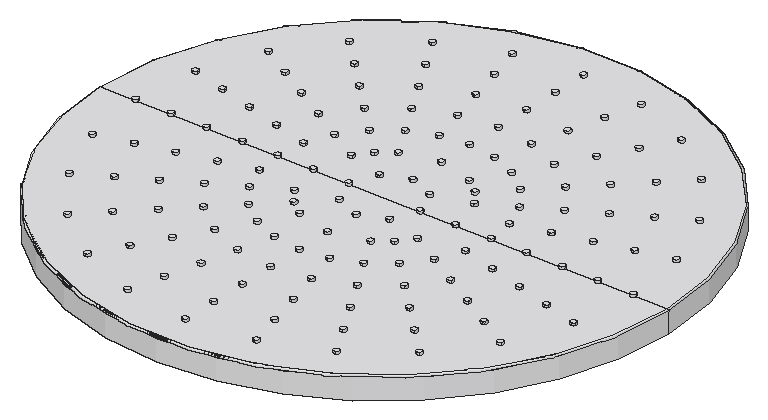
Revit family "Shower-Showerhead-KOHLER-Katalyst-13690W", category Plumbing Fixtures, host Face, Revit 2017 (continued)
Definition of nested family "13690W"
  Automatic sketch dimensions
    curve 216 to curve 216 = 0.02932"
    curve 274 to curve 275 = 0.02932"
    curve 268 to curve 269 = 0.04146"
    curve 181 to curve 182 = 0.61116"
    curve 239 to curve 240 = 0.61116"
    curve 240 to curve 241 = 0.05664"
    curve 182 to curve 182 = 0.05664"
    curve 28 to curve 87 = 0.63272"
    curve 31 to curve 87 = 0"
    curve 30 to curve 30 = 0.05864"
    curve 269 to curve 271 = 0.4474"
    curve 211 to curve 212 = 0.4474"
    curve 270 to curve 270 = 0.04146"
    curve 196 to curve 195 = 0.54795"
    curve 254 to curve 252 = 0.54795"
    curve 194 to curve 194 = 13/256"
    curve 252 to curve 252 = 13/256"
    curve 182 to curve 184 = 0.61116"
    curve 240 to curve 243 = 0.61116"
    curve 185 to curve 184 = 0.05664"
    curve 243 to curve 243 = 0.05664"
    curve 213 to curve 214 = 0.4474"
    curve 270 to curve 272 = 0.4474"
    curve 30 to curve 89 = 0.63272"
    curve 214 to curve 214 = 0.04146"
    curve 272 to curve 273 = 0.04146"
    curve 32 to curve 33 = 0.05864"
    curve 253 to curve 250 = 0.54795"
    curve 195 to curve 192 = 0.54795"
    curve 192 to curve 192 = 13/256"
    curve 250 to curve 250 = 13/256"
    curve 185 to curve 187 = 0.61116"
    curve 243 to curve 245 = 0.61116"
    curve 244 to curve 244 = 0.05664"
    curve 186 to curve 187 = 0.05664"
    curve 32 to curve 90 = 0.63272"
    curve 35 to curve 90 = 0"
    curve 251 to curve 249 = 0.54795"
    curve 193 to curve 190 = 0.54795"
    curve 34 to curve 91 = 0.05864"
    curve 248 to curve 249 = 13/256"
    curve 190 to curve 191 = 13/256"
    curve 245 to curve 247 = 0.61116"
    curve 187 to curve 188 = 0.61116"
    curve 246 to curve 247 = 0.05664"
    curve 189 to curve 189 = 0.05664"
    curve 34 to curve 93 = 0.63272"
    curve 36 to curve 92 = 0.05864"
    Masking region 1 sketch curve to plane 4 "Left" = 0"
    Masking region 1 sketch curve to plane 8 "Front" = 0"  (x33)
    Masking region 1 sketch curve to level = 0"
    Masking region 1 sketch curve to plane 3 "Center (Left/Right)" = 0"
    plane 5 "Right" to Masking region 1 sketch curve = 0"
    plane 4 "Left" to Masking region 1 sketch curve = 0.02974"
    Masking region 1 sketch curve to Masking region 1 sketch curve = 0.11728"  (x10)
    Masking region 1 sketch curve to Masking region 1 sketch curve = 0.06161"  (x2)
    Masking region 1 sketch curve to plane 8 "Front" = 0.03308"  (x31)
    Masking region 1 sketch curve to Masking region 1 sketch curve = 0.4072"  (x2)
    Masking region 1 sketch curve to Masking region 1 sketch curve = 0.16391"  (x2)
    Masking region 1 sketch curve to Masking region 1 sketch curve = 0.03606"  (x2)
    Masking region 1 sketch curve to Masking region 1 sketch curve = 0.33227"  (x2)
    Masking region 1 sketch curve to Masking region 1 sketch curve = 0.06753"  (x2)
    Masking region 1 sketch curve to Masking region 1 sketch curve = 0.20737"  (x2)
    Masking region 1 sketch curve to Masking region 1 sketch curve = 0.25735"  (x2)
    plane 8 "Front" to Masking region 1 sketch curve = 0.00066"  (x2)
    Masking region 1 sketch curve to Masking region 1 sketch curve = 0.18289"  (x2)
    Masking region 1 sketch curve to Masking region 1 sketch curve = 0.0647"  (x2)
    Masking region 1 sketch curve to Masking region 1 sketch curve = 0.2195"  (x2)
    Masking region 1 sketch curve to Masking region 1 sketch curve = 0.12885"  (x2)
    Masking region 1 sketch curve to Masking region 1 sketch curve = 0.17085"  (x2)
    Masking region 1 sketch curve to Masking region 1 sketch curve = 0.2308"  (x2)
    Masking region 1 sketch curve to Masking region 1 sketch curve = 0.24596"  (x2)
    Masking region 1 sketch curve to Masking region 1 sketch curve = 0.05549"  (x2)
    Masking region 1 sketch curve to Masking region 1 sketch curve = 0.19083"  (x2)
    Masking region 1 sketch curve to Masking region 1 sketch curve = 0.16673"  (x2)
    Masking region 1 sketch curve to Masking region 1 sketch curve = 0.20827"  (x2)
    Masking region 1 sketch curve to Masking region 1 sketch curve = 0.03448"  (x2)
    Masking region 1 sketch curve to Masking region 1 sketch curve = 0.16648"  (x2)
    Masking region 1 sketch curve to Masking region 1 sketch curve = 0.03414"  (x2)
    Masking region 1 sketch curve to Masking region 1 sketch curve = 0.13989"  (x2)
    Masking region 1 sketch curve to Masking region 1 sketch curve = 0.03715"  (x2)
    Masking region 1 sketch curve to Masking region 1 sketch curve = 0.07684"  (x2)
    Masking region 1 sketch curve to Masking region 1 sketch curve = 0.11451"
    Masking region 1 sketch curve to Masking region 1 sketch curve = 0.14373"  (x2)
    Masking region 1 sketch curve to Masking region 1 sketch curve = 0.03076"  (x2)
    Masking region 1 sketch curve to Masking region 1 sketch curve = 0.05038"  (x2)
    Masking region 1 sketch curve to Masking region 1 sketch curve = 0.1944"
    Masking region 1 sketch curve to Masking region 1 sketch curve = 0.0199"
    Masking region 1 sketch curve to Masking region 1 sketch curve = 0.02027"  (x2)
    Masking region 1 sketch curve to Masking region 1 sketch curve = 0.16929"  (x2)
    Masking region 1 sketch curve to Masking region 1 sketch curve = 0.25135"  (x2)
    Masking region 1 sketch curve to Masking region 1 sketch curve = 0.05823"  (x2)
    Masking region 1 sketch curve to Masking region 1 sketch curve = 0.22998"
    Masking region 1 sketch curve to plane 3 "Center (Left/Right)" = 0.05864"
    Masking region 1 sketch curve to plane 3 "Center (Left/Right)" = 0.00965"
    plane 3 "Center (Left/Right)" to Masking region 1 sketch curve = 0.00965"
    plane 3 "Center (Left/Right)" to Masking region 1 sketch curve = 0.05864"
    plane 3 "Center (Left/Right)" to Masking region 1 sketch curve = 0.26545"
    Masking region 1 sketch curve to Masking region 1 sketch curve = 0.1148"
    Masking region 1 sketch curve to Masking region 1 sketch curve = 0.41305"
    level to Masking region 1 sketch curve = 0.02052"  (x2)
    plane 3 "Center (Left/Right)" to Masking region 1 sketch curve = 0.47516"
    Masking region 1 sketch curve to Masking region 1 sketch curve = 0.00037"
    plane 5 "Right" to Masking region 1 sketch curve = 0.02974"
    Masking region 1 sketch curve to Masking region 1 sketch curve = 0.7284"  (x2)
    Masking region 1 sketch curve to Masking region 1 sketch curve = 0.27716"  (x2)
    Masking region 1 sketch curve to Masking region 1 sketch curve = 0.16737"  (x2)
    Masking region 1 sketch curve to Masking region 1 sketch curve = 0.28551"
    Masking region 1 sketch curve to Masking region 1 sketch curve = 0"  (x3)
    Masking region 1 sketch curve to Masking region 1 sketch curve = 0.47299"  (x2)
    Masking region 1 sketch curve to plane 8 "Front" = 0.50596"
    Masking region 1 sketch curve to Masking region 1 sketch curve = 0.03308"  (x5)
    Masking region 1 sketch curve to Masking region 1 sketch curve = 0.44314"
    Masking region 1 sketch curve to Masking region 1 sketch curve = 0.66162"
    Revolve 3 sketch curve to plane 4 "Left" = 0"
    Revolve 3 sketch curve to level = 0"
    Revolve 3 sketch curve to plane 3 "Center (Left/Right)" = 0"  (x2)
    Revolve 3 sketch curve to Revolve 3 sketch curve = 0.91193"
    Revolve 3 sketch curve to plane 8 "Front" = 0.50596"
    Revolve 3 sketch curve to plane 8 "Front" = 0.01923"
    Revolve 3 sketch curve to Revolve 3 sketch curve = 0.79491"
    Revolve 3 sketch curve to Revolve 3 sketch curve = 0.68686"
    curve 18 to curve 20 = 0.69136"
    curve 203 to curve 81 = 0.26113"
    curve 48 to curve 105 = 0"
    curve 46 to curve 104 = 0.69136"
    curve 52 to curve 53 = 0"
    curve 54 to curve 55 = 0"
    curve 54 to curve 111 = 0"
    curve 55 to curve 110 = 0"
    curve 55 to curve 111 = 0"
    curve 108 to curve 109 = 0"
    curve 110 to curve 111 = 0"
    curve 202 to curve 52 = 0.2392"
    plane 1 "Center (Front/Back)" to Extrusion 4 sketch curve = 0"
    Extrusion 4 sketch curve to plane 3 "Center (Left/Right)" = 0"
    curve 394 to plane 8 "Front" = 0"
    curve 395 to plane 8 "Front" = 0"
    curve 396 to plane 8 "Front" = 0"
    curve 397 to plane 8 "Front" = 0"
    curve 398 to plane 8 "Front" = 0"
    curve 399 to plane 8 "Front" = 0"
    curve 400 to plane 8 "Front" = 0"
    curve 401 to plane 8 "Front" = 0"
    curve 402 to plane 8 "Front" = 0"
    curve 403 to plane 8 "Front" = 0"
    curve 404 to plane 8 "Front" = 0"
    curve 405 to plane 8 "Front" = 0"
    curve 406 to plane 8 "Front" = 0"
    curve 407 to plane 8 "Front" = 0"
    curve 408 to plane 8 "Front" = 0"
    curve 409 to plane 8 "Front" = 0"
    curve 410 to plane 8 "Front" = 0"
    curve 411 to plane 8 "Front" = 0"
    curve 412 to plane 8 "Front" = 0"
    curve 413 to plane 8 "Front" = 0"
    curve 414 to plane 8 "Front" = 0"
    curve 415 to plane 8 "Front" = 0"
    curve 416 to plane 8 "Front" = 0"
    curve 418 to plane 8 "Front" = 0"
    curve 417 to plane 8 "Front" = 0"
    curve 419 to plane 8 "Front" = 0"
    curve 420 to plane 8 "Front" = 0"
    curve 421 to plane 8 "Front" = 0"
    curve 422 to plane 8 "Front" = 0"
    curve 423 to plane 8 "Front" = 0"
    curve 354 to plane 3 "Center (Left/Right)" = 0"
    curve 470 to plane 8 "Front" = 0"
    curve 469 to plane 8 "Front" = 0"
    curve 468 to plane 8 "Front" = 0"
    curve 467 to plane 8 "Front" = 0"
    curve 466 to plane 8 "Front" = 0"
    curve 464 to plane 8 "Front" = 0"
    curve 465 to plane 8 "Front" = 0"
    curve 463 to plane 8 "Front" = 0"
    curve 462 to plane 8 "Front" = 0"
    curve 461 to plane 8 "Front" = 0"
    curve 460 to plane 8 "Front" = 0"
    curve 459 to plane 8 "Front" = 0"
    curve 458 to plane 8 "Front" = 0"
    curve 457 to plane 8 "Front" = 0"
    curve 456 to plane 8 "Front" = 0"
    curve 455 to plane 8 "Front" = 0"
    curve 454 to plane 8 "Front" = 0"
    curve 453 to plane 8 "Front" = 0"
    curve 452 to plane 8 "Front" = 0"
    curve 451 to plane 8 "Front" = 0"
    curve 450 to plane 8 "Front" = 0"
    curve 449 to plane 8 "Front" = 0"
    curve 448 to plane 8 "Front" = 0"
    curve 447 to plane 8 "Front" = 0"
    curve 446 to plane 8 "Front" = 0"
    curve 445 to plane 8 "Front" = 0"
    curve 444 to plane 8 "Front" = 0"
    curve 443 to plane 8 "Front" = 0"
    curve 442 to plane 8 "Front" = 0"
    curve 441 to plane 8 "Front" = 0"
    curve 371 to plane 8 "Front" = 0.03308"
    curve 371 to plane 3 "Center (Left/Right)" = 0.05864"
    curve 4 to plane 3 "Center (Left/Right)" = 0.33591"
    curve 5 to curve 4 = 0.01755"
    curve 3 to curve 4 = 0.10257"
    curve 370 to plane 8 "Front" = 0.03308"
    curve 370 to curve 371 = 0.41305"
    curve 423 to curve 370 = 0.05201"
    curve 422 to curve 423 = 0.06526"
    curve 370 to curve 422 = 0.05201"
    curve 2 to curve 3 = 0.25135"
    curve 369 to curve 370 = 0.05038"
    curve 421 to curve 369 = 0.02646"
    curve 1 to curve 421 = 0.00277"
    curve 420 to curve 421 = 0.09082"
    curve 369 to curve 420 = 0.02646"
    curve 368 to plane 8 "Front" = 0.03308"
    curve 368 to curve 369 = 0.07684"
    curve 419 to curve 368 = 0.09009"
    curve 368 to curve 419 = 0.02719"
    curve 367 to curve 368 = 0.03715"
    curve 417 to curve 367 = 0.03969"
    curve 418 to curve 417 = 0.01325"
    curve 367 to plane 8 "Front" = 0.03308"
    curve 367 to curve 418 = 0.08696"
    curve 366 to curve 367 = 0.03414"
    curve 416 to curve 366 = 0.05976"
    curve 415 to curve 416 = 0.05752"
    curve 366 to curve 415 = 0.0492"
    curve 365 to curve 366 = 0.03448"
    curve 414 to curve 365 = 0.09099"
    curve 413 to curve 414 = 0.02629"
    curve 365 to plane 8 "Front" = 0.03308"
    curve 365 to curve 413 = 0.09099"
    curve 364 to plane 8 "Front" = 0.03308"
    curve 364 to curve 365 = 0.16673"
    curve 412 to curve 364 = 0.07356"
    curve 411 to curve 412 = 0.04372"
    curve 364 to curve 411 = 0.07356"
    curve 363 to curve 364 = 0.05549"
    curve 410 to curve 363 = 0.05201"
    curve 409 to curve 410 = 0.06526"
    curve 408 to curve 409 = 0.0114"
    curve 407 to curve 408 = 0.04061"
    curve 363 to plane 8 "Front" = 0.03308"
    curve 363 to curve 407 = 0.07667"
    curve 362 to plane 8 "Front" = 0.03308"
    curve 362 to curve 363 = 0.2308"
    curve 406 to curve 362 = 0.02692"
    curve 405 to curve 406 = 0.02665"
    curve 404 to curve 405 = 0.0637"
    curve 403 to curve 404 = 0.02692"
    curve 362 to curve 403 = 0.02665"
    curve 393 to plane 8 "Front" = 0.03308"
    curve 393 to curve 362 = 0.12885"
    curve 402 to curve 393 = 0.10222"
    curve 401 to curve 402 = 0.01505"
    curve 393 to curve 401 = 0.10222"
    curve 361 to curve 393 = 0.0647"
    curve 400 to curve 361 = 0.06561"
    curve 399 to curve 400 = 0.05166"
    curve 361 to curve 399 = 0.06561"
    curve 360 to plane 8 "Front" = 0.03308"
    curve 360 to curve 361 = 0.25735"
    curve 398 to curve 360 = 0.09009"
    curve 397 to curve 398 = 0.02719"
    curve 396 to curve 397 = 0.0105"
    curve 360 to curve 396 = 0.07959"
    curve 359 to plane 8 "Front" = 0.03308"
    curve 359 to curve 360 = 0.06753"
    curve 359 to curve 359 = 0.11728"
    curve 358 to plane 8 "Front" = 0.03308"
    curve 358 to curve 359 = 0.33427"
    curve 358 to curve 358 = 0.11528"
    curve 357 to curve 358 = 0.03606"
    curve 395 to curve 357 = 0.04663"
    curve 394 to plane 8 "Front" = 0.03308"
    curve 394 to curve 395 = 0.07064"
    curve 357 to curve 394 = 0.04663"
    curve 356 to plane 8 "Front" = 0.03308"
    curve 356 to curve 357 = 0.4072"
    curve 356 to curve 356 = 0.11728"
    curve 355 to curve 356 = 0.06161"
    curve 355 to plane 8 "Front" = 0.03308"
    curve 355 to curve 355 = 0.11728"
    curve 354 to curve 354 = 0.05864"
    plane 3 "Center (Left/Right)" to curve 4 = 0.33591"
    curve 4 to curve 5 = 0.01755"
    curve 4 to curve 3 = 0.10257"
    curve 439 to plane 8 "Front" = 0.03308"
    curve 354 to curve 439 = 0.41305"
    curve 439 to curve 470 = 0.05201"
    curve 470 to curve 469 = 0.06526"
    curve 469 to curve 439 = 0.05201"
    curve 3 to curve 2 = 0.25135"
    curve 439 to curve 438 = 0.05038"
    curve 438 to curve 468 = 0.02646"
    curve 468 to curve 1 = 0.00277"
    curve 467 to plane 8 "Front" = 0.03308"
    curve 468 to curve 467 = 0.09082"
    curve 467 to curve 438 = 0.02646"
    curve 437 to plane 8 "Front" = 0.03308"
    curve 438 to curve 437 = 0.07684"
    curve 437 to curve 466 = 0.09009"
    curve 466 to curve 437 = 0.02719"
    curve 437 to curve 436 = 0.03715"
    curve 436 to curve 464 = 0.03969"
    curve 464 to curve 465 = 0.01325"
    curve 436 to plane 8 "Front" = 0.03308"
    curve 465 to curve 436 = 0.08696"
    curve 436 to curve 435 = 0.03414"
    curve 435 to curve 463 = 0.05976"
    curve 463 to curve 462 = 0.05752"
    curve 462 to curve 435 = 0.0492"
    curve 435 to curve 434 = 0.03448"
    curve 434 to curve 461 = 0.09099"
    curve 461 to curve 460 = 0.02629"
    curve 434 to plane 8 "Front" = 0.03308"
    curve 460 to curve 434 = 0.09099"
    curve 433 to plane 8 "Front" = 0.03308"
    curve 434 to curve 433 = 0.16673"
    curve 433 to curve 459 = 0.07356"
    curve 459 to curve 458 = 0.04372"
    curve 458 to curve 433 = 0.07356"
    curve 433 to curve 432 = 0.05549"
    curve 432 to curve 457 = 0.05201"
    curve 457 to curve 456 = 0.06526"
    curve 456 to curve 455 = 0.0114"
    curve 455 to curve 454 = 0.04061"
    curve 432 to plane 8 "Front" = 0.03308"
    curve 454 to curve 432 = 0.07667"
    curve 431 to plane 8 "Front" = 0.03308"
    curve 432 to curve 431 = 0.2308"
    curve 431 to curve 453 = 0.02692"
    curve 453 to curve 452 = 0.02665"
    curve 452 to curve 451 = 0.0637"
    curve 451 to curve 450 = 0.02692"
    curve 450 to curve 431 = 0.02665"
    curve 440 to plane 8 "Front" = 0.03308"
    curve 431 to curve 440 = 0.12885"
    curve 440 to curve 449 = 0.10222"
    curve 449 to curve 448 = 0.01505"
    curve 448 to curve 440 = 0.10222"
    curve 440 to curve 430 = 0.0647"
    curve 430 to curve 447 = 0.06561"
    curve 447 to curve 446 = 0.05166"
    curve 446 to curve 430 = 0.06561"
    curve 429 to plane 8 "Front" = 0.03308"
    curve 430 to curve 429 = 0.25735"
    curve 429 to curve 445 = 0.09009"
    curve 445 to curve 444 = 0.02719"
    curve 444 to curve 443 = 0.0105"
    curve 443 to curve 429 = 0.07959"
    curve 428 to plane 8 "Front" = 0.03308"
    curve 429 to curve 428 = 0.06753"
    curve 428 to curve 428 = 0.11728"
    curve 427 to plane 8 "Front" = 0.03308"
    curve 428 to curve 427 = 0.33427"
    curve 427 to curve 427 = 0.11528"
    curve 427 to curve 426 = 0.03606"
    curve 426 to curve 442 = 0.04663"
    curve 441 to plane 8 "Front" = 0.03308"
    curve 442 to curve 441 = 0.07064"
    curve 441 to curve 426 = 0.04663"
    curve 425 to plane 8 "Front" = 0.03308"
    curve 426 to curve 425 = 0.4072"
    curve 425 to curve 425 = 0.11728"
    curve 425 to curve 424 = 0.06161"
    curve 424 to plane 8 "Front" = 0.03308"
    curve 424 to curve 424 = 0.11728"
    curve 435 to plane 8 "Front" = 0.03308"
    curve 430 to plane 8 "Front" = 0.03308"
    curve 421 to curve 421 = 0.03308"
    curve 416 to curve 416 = 0.03308"
    curve 400 to plane 8 "Front" = 0.03308"
    curve 1 to curve 468 = 0.47288"
    curve 2 to curve 1 = 0.5744"
    curve 4 to curve 3 = 0.11319"
    curve 5 to curve 4 = 0.11886"
    curve 519 to plane 8 "Front" = 0"
    curve 520 to plane 8 "Front" = 0"
    curve 521 to plane 8 "Front" = 0"
    curve 522 to plane 8 "Front" = 0"
    curve 523 to plane 8 "Front" = 0"
    curve 524 to plane 8 "Front" = 0"
    curve 525 to plane 8 "Front" = 0"
    curve 526 to plane 8 "Front" = 0"
    curve 527 to plane 8 "Front" = 0"
    curve 528 to plane 8 "Front" = 0"
    curve 529 to plane 8 "Front" = 0"
    curve 530 to plane 8 "Front" = 0"
    curve 531 to plane 8 "Front" = 0"
    curve 532 to plane 8 "Front" = 0"
    curve 533 to plane 8 "Front" = 0"
    curve 534 to plane 8 "Front" = 0"
    curve 535 to plane 8 "Front" = 0"
    curve 536 to plane 8 "Front" = 0"
    curve 537 to plane 8 "Front" = 0"
    curve 538 to plane 8 "Front" = 0"
    curve 539 to plane 8 "Front" = 0"
    curve 540 to plane 8 "Front" = 0"
    curve 541 to plane 8 "Front" = 0"
    curve 542 to plane 8 "Front" = 0"
    curve 543 to plane 8 "Front" = 0"
    curve 544 to plane 8 "Front" = 0"
    curve 545 to plane 8 "Front" = 0"
    curve 546 to plane 8 "Front" = 0"
    curve 547 to plane 8 "Front" = 0"
    curve 548 to plane 8 "Front" = 0"
    curve 549 to plane 8 "Front" = 0"
    curve 391 to plane 1 "Center (Front/Back)" = 0"
    curve 501 to plane 8 "Front" = 0"
    curve 500 to plane 8 "Front" = 0"
    curve 499 to plane 8 "Front" = 0"
    curve 498 to plane 8 "Front" = 0"
    curve 497 to plane 8 "Front" = 0"
    curve 496 to plane 8 "Front" = 0"
    curve 495 to plane 8 "Front" = 0"
    curve 494 to plane 8 "Front" = 0"
    curve 493 to plane 8 "Front" = 0"
    curve 492 to plane 8 "Front" = 0"
    curve 491 to plane 8 "Front" = 0"
    curve 490 to plane 8 "Front" = 0"
    curve 489 to plane 8 "Front" = 0"
    curve 488 to plane 8 "Front" = 0"
    curve 487 to plane 8 "Front" = 0"
    curve 486 to plane 8 "Front" = 0"
    curve 485 to plane 8 "Front" = 0"
    curve 484 to plane 8 "Front" = 0"
    curve 483 to plane 8 "Front" = 0"
    curve 482 to plane 8 "Front" = 0"
    curve 481 to plane 8 "Front" = 0"
    curve 480 to plane 8 "Front" = 0"
    curve 479 to plane 8 "Front" = 0"
    curve 478 to plane 8 "Front" = 0"
    curve 477 to plane 8 "Front" = 0"
    curve 476 to plane 8 "Front" = 0"
    curve 475 to plane 8 "Front" = 0"
    curve 474 to plane 8 "Front" = 0"
    curve 473 to plane 8 "Front" = 0"
    curve 472 to plane 8 "Front" = 0"
    curve 471 to plane 8 "Front" = 0"
    curve 392 to plane 8 "Front" = 0.03308"
    plane 1 "Center (Front/Back)" to curve 392 = 0.05864"
    plane 1 "Center (Front/Back)" to curve 8 = 0.33591"
    curve 7 to curve 8 = 0.01765"
    curve 518 to plane 8 "Front" = 0.03308"
    curve 518 to curve 392 = 0.41305"
    curve 549 to curve 518 = 0.05201"
    curve 548 to curve 549 = 0.06526"
    curve 518 to curve 548 = 0.05201"
    curve 372 to curve 8 = 0.35391"
    curve 9 to curve 8 = 0.35391"
    curve 517 to curve 518 = 0.05038"
    curve 547 to curve 517 = 0.02646"
    curve 373 to curve 547 = 0.00277"
    curve 546 to curve 547 = 0.09082"
    curve 517 to curve 546 = 0.02646"
    curve 516 to plane 8 "Front" = 0.03308"
    curve 516 to curve 517 = 0.07684"
    curve 545 to curve 516 = 0.09009"
    curve 516 to curve 545 = 0.02719"
    curve 515 to curve 516 = 0.03715"
    curve 544 to curve 515 = 0.03969"
    curve 543 to curve 544 = 0.01325"
    curve 542 to curve 543 = 0.06434"
    curve 515 to curve 542 = 0.02262"
    curve 514 to curve 515 = 0.03414"
    curve 541 to curve 514 = 0.05976"
    curve 540 to curve 541 = 0.05752"
    curve 514 to curve 540 = 0.0492"
    curve 513 to curve 514 = 0.03448"
    curve 539 to plane 8 "Front" = 0.03308"
    curve 539 to curve 513 = 0.09099"
    curve 538 to curve 539 = 0.02629"
    curve 513 to curve 538 = 0.09099"
    curve 512 to plane 8 "Front" = 0.03308"
    curve 512 to curve 513 = 0.16673"
    curve 537 to curve 512 = 0.07356"
    curve 536 to curve 537 = 0.04372"
    curve 512 to curve 536 = 0.07356"
    curve 511 to curve 512 = 0.05549"
    curve 535 to curve 511 = 0.05201"
    curve 534 to curve 535 = 0.06526"
    curve 533 to curve 534 = 0.0114"
    curve 532 to curve 533 = 0.04061"
    curve 511 to plane 8 "Front" = 0.03308"
    curve 511 to curve 532 = 0.07667"
    curve 510 to plane 8 "Front" = 0.03308"
    curve 510 to curve 511 = 0.2308"
    curve 531 to curve 510 = 0.02692"
    curve 530 to curve 531 = 0.02665"
    curve 529 to curve 530 = 0.0637"
    curve 528 to curve 529 = 0.02692"
    curve 510 to curve 528 = 0.02665"
    curve 509 to plane 8 "Front" = 0.03308"
    curve 509 to curve 510 = 0.12885"
    curve 527 to curve 509 = 0.10222"
    curve 526 to curve 527 = 0.01505"
    curve 509 to curve 526 = 0.10222"
    curve 508 to curve 509 = 0.0647"
    curve 525 to curve 508 = 0.06561"
    curve 524 to curve 525 = 0.05166"
    curve 508 to curve 524 = 0.06561"
    curve 507 to plane 8 "Front" = 0.03308"
    curve 507 to curve 508 = 0.25735"
    curve 523 to curve 507 = 0.09009"
    curve 522 to curve 523 = 0.02719"
    curve 521 to curve 522 = 0.0105"
    curve 507 to curve 521 = 0.07959"
    curve 506 to plane 8 "Front" = 0.03308"
    curve 506 to curve 507 = 0.06753"
    curve 506 to curve 506 = 0.11728"
    curve 505 to plane 8 "Front" = 0.03308"
    curve 505 to curve 506 = 0.33227"
    curve 505 to curve 505 = 0.11728"
    curve 504 to curve 505 = 0.03606"
    curve 520 to curve 504 = 0.04663"
    curve 519 to curve 520 = 0.07064"
    curve 504 to curve 519 = 0.04663"
    curve 503 to plane 8 "Front" = 0.03308"
    curve 503 to curve 504 = 0.4072"
    curve 503 to curve 503 = 0.11528"
    curve 502 to curve 503 = 0.06361"
    curve 502 to plane 8 "Front" = 0.03308"
    curve 502 to curve 502 = 0.11728"
    curve 391 to curve 391 = 0.05864"
    curve 8 to plane 1 "Center (Front/Back)" = 0.33575"
    curve 8 to curve 7 = 0.0176"
    curve 390 to plane 8 "Front" = 0.03308"
    curve 391 to curve 390 = 0.41305"
    curve 390 to curve 501 = 0.05201"
    curve 501 to curve 500 = 0.06526"
    curve 500 to curve 390 = 0.05201"
    curve 8 to curve 9 = 0.35381"
    curve 9 to curve 372 = 0.00027"
    curve 390 to curve 389 = 0.05038"
    curve 389 to curve 499 = 0.02646"
    curve 499 to curve 373 = 0.00277"
    curve 498 to plane 8 "Front" = 0.03308"
    curve 499 to curve 498 = 0.09082"
    curve 498 to curve 389 = 0.02646"
    curve 388 to plane 8 "Front" = 0.03308"
    curve 389 to curve 388 = 0.07684"
    curve 388 to curve 497 = 0.09009"
    curve 497 to curve 388 = 0.02719"
    curve 388 to curve 387 = 0.03715"
    curve 387 to curve 496 = 0.03969"
    curve 496 to curve 495 = 0.01325"
    curve 495 to curve 494 = 0.06434"
    curve 494 to curve 387 = 0.02262"
    curve 387 to curve 386 = 0.03414"
    curve 386 to curve 493 = 0.05976"
    curve 493 to curve 492 = 0.05752"
    curve 492 to curve 386 = 0.0492"
    curve 386 to curve 385 = 0.03448"
    curve 491 to plane 8 "Front" = 0.03308"
    curve 385 to curve 491 = 0.09099"
    curve 491 to curve 490 = 0.02629"
    curve 490 to curve 385 = 0.09099"
    curve 384 to plane 8 "Front" = 0.03308"
    curve 385 to curve 384 = 0.16673"
    curve 384 to curve 489 = 0.07356"
    curve 489 to curve 488 = 0.04372"
    curve 488 to curve 384 = 0.07356"
    curve 384 to curve 383 = 0.05549"
    curve 383 to curve 487 = 0.05201"
    curve 487 to curve 486 = 0.06526"
    curve 486 to curve 485 = 0.0114"
    curve 485 to curve 484 = 0.04061"
    curve 383 to plane 8 "Front" = 0.03308"
    curve 484 to curve 383 = 0.07667"
    curve 382 to plane 8 "Front" = 0.03308"
    curve 383 to curve 382 = 0.2308"
    curve 382 to curve 483 = 0.02692"
    curve 483 to curve 482 = 0.02665"
    curve 482 to curve 481 = 0.0637"
    curve 481 to curve 480 = 0.02692"
    curve 480 to curve 382 = 0.02665"
    curve 381 to plane 8 "Front" = 0.03308"
    curve 382 to curve 381 = 0.12885"
    curve 381 to curve 479 = 0.10222"
    curve 479 to curve 478 = 0.01505"
    curve 478 to curve 381 = 0.10222"
    curve 381 to curve 380 = 0.0647"
    curve 380 to curve 477 = 0.06561"
    curve 477 to curve 476 = 0.05166"
    curve 476 to curve 380 = 0.06561"
    curve 379 to plane 8 "Front" = 0.03308"
    curve 380 to curve 379 = 0.25735"
    curve 379 to curve 475 = 0.09009"
    curve 475 to curve 474 = 0.02719"
    curve 474 to curve 473 = 0.0105"
    curve 473 to curve 379 = 0.07959"
    curve 378 to plane 8 "Front" = 0.03308"
    curve 379 to curve 378 = 0.06753"
    curve 378 to curve 378 = 0.11728"
    curve 377 to plane 8 "Front" = 0.03308"
    curve 378 to curve 377 = 0.33227"
    curve 377 to curve 377 = 0.11728"
    curve 377 to curve 376 = 0.03606"
    curve 376 to curve 472 = 0.04663"
    curve 472 to curve 471 = 0.07064"
    curve 471 to curve 376 = 0.04663"
    curve 375 to plane 8 "Front" = 0.03308"
    curve 376 to curve 375 = 0.4072"
    curve 375 to curve 375 = 0.11528"
    curve 375 to curve 374 = 0.06361"
    curve 374 to plane 8 "Front" = 0.03308"
    curve 374 to curve 374 = 0.11728"
    curve 517 to plane 8 "Front" = 0.03308"
    curve 515 to plane 8 "Front" = 0.03308"
    curve 514 to plane 8 "Front" = 0.03308"
    curve 508 to plane 8 "Front" = 0.03308"
    curve 504 to plane 8 "Front" = 0.03308"
    curve 496 to curve 496 = 0.03308"
    curve 493 to curve 493 = 0.03308"
    curve 477 to curve 477 = 0.03308"
    curve 472 to curve 472 = 0.03308"
    curve 373 to curve 499 = 0.47288"
    curve 372 to curve 373 = 0.5744"
    curve 9 to curve 372 = 0.47299"
    curve 8 to curve 9 = 0.11319"
    curve 7 to curve 8 = 0.11886"
    Revolve 1 sketch curve to plane 4 "Left" = 0"
    Revolve 1 sketch curve to level = 0"  (x2)
    Revolve 1 sketch curve to plane 3 "Center (Left/Right)" = 0"  (x2)
    plane 4 "Left" to Revolve 1 sketch curve = 1/32"
    Revolve 1 sketch curve to plane 3 "Center (Left/Right)" = 0.72059"
    Revolve 1 sketch curve to Revolve 1 sketch curve = 0.03076"
    level to Revolve 1 sketch curve = 0.02158"
    Revolve 1 sketch curve to plane 3 "Center (Left/Right)" = 0.49543"
    Revolve 1 sketch curve to Revolve 1 sketch curve = 0.25135"
    Revolve 1 sketch curve to Revolve 1 sketch curve = 0.05803"
    Revolve 1 sketch curve to Revolve 1 sketch curve = 0.23005"
    plane 3 "Center (Left/Right)" to Revolve 1 sketch curve = 0.003"
    level to Revolve 1 sketch curve = 0.75212"
    Revolve 1 sketch curve to Revolve 1 sketch curve = 0.27725"
    Revolve 1 sketch curve to Revolve 1 sketch curve = 0.16728"
    Revolve 1 sketch curve to Revolve 1 sketch curve = 0.29729"
    Revolve 1 sketch curve to Revolve 1 sketch curve = 0.47299"
    Revolve 1 sketch curve to plane 8 "Front" = 0.50596"
    Revolve 1 sketch curve to plane 8 "Front" = 0.06433"
    Revolve 1 sketch curve to Revolve 1 sketch curve = 0"
    Revolve 1 sketch curve to plane 8 "Front" = 0.01638"
    level to Extrusion 5 sketch curve = 0.17323"  (x2)
    plane 1 "Center (Front/Back)" to Extrusion 5 sketch curve = 0.64098"
    Extrusion 5 sketch curve to Extrusion 5 sketch curve = 0.17594"  (x2)
    Extrusion 5 sketch curve to plane 1 "Center (Front/Back)" = 0.46504"
    Extrusion 5 sketch curve to Extrusion 5 sketch curve = 0.73781"  (x2)
    plane 3 "Center (Left/Right)" to curve 551 = 0.17084"
    level to curve 550 = 0.75212"
    curve 6 to plane 3 "Center (Left/Right)" = 0.17084"
    level to curve 6 = 0.17428"
    curve 550 to curve 5 = 0.21248"
    Masking region 3 sketch curve to plane 7 "Bottom" = 0"
    Masking region 3 sketch curve to plane 8 "Front" = 0"  (x33)
    Masking region 3 sketch curve to level = 0"
    Masking region 3 sketch curve to plane 1 "Center (Front/Back)" = 0"
    Masking region 3 sketch curve to plane 6 "Top" = 0"
    Masking region 3 sketch curve to Masking region 3 sketch curve = 0.02974"
    Masking region 3 sketch curve to Masking region 3 sketch curve = 0.66162"
    Masking region 3 sketch curve to plane 8 "Front" = 0.03308"  (x22)
    Masking region 3 sketch curve to Masking region 3 sketch curve = 0.11728"  (x10)
    Masking region 3 sketch curve to Masking region 3 sketch curve = 0.06161"  (x2)
    Masking region 3 sketch curve to Masking region 3 sketch curve = 0.4072"  (x2)
    Masking region 3 sketch curve to Masking region 3 sketch curve = 0.16391"  (x2)
    Masking region 3 sketch curve to Masking region 3 sketch curve = 0.03606"  (x2)
    Masking region 3 sketch curve to Masking region 3 sketch curve = 0.33227"  (x2)
    Masking region 3 sketch curve to Masking region 3 sketch curve = 0.06753"  (x2)
    Masking region 3 sketch curve to Masking region 3 sketch curve = 0.20737"  (x2)
    Masking region 3 sketch curve to Masking region 3 sketch curve = 0.25735"  (x2)
    Masking region 3 sketch curve to Masking region 3 sketch curve = 0.18289"  (x2)
    Masking region 3 sketch curve to Masking region 3 sketch curve = 0.0647"  (x2)
    Masking region 3 sketch curve to Masking region 3 sketch curve = 0.2195"  (x2)
    Masking region 3 sketch curve to Masking region 3 sketch curve = 0.12885"  (x2)
    Masking region 3 sketch curve to Masking region 3 sketch curve = 0.17085"  (x2)
    Masking region 3 sketch curve to Masking region 3 sketch curve = 0.2308"  (x2)
    Masking region 3 sketch curve to Masking region 3 sketch curve = 0.24596"  (x2)
    Masking region 3 sketch curve to Masking region 3 sketch curve = 0.05549"  (x2)
    Masking region 3 sketch curve to Masking region 3 sketch curve = 0.19083"  (x2)
    Masking region 3 sketch curve to Masking region 3 sketch curve = 0.16673"  (x2)
    Masking region 3 sketch curve to Masking region 3 sketch curve = 0.20827"  (x2)
    Masking region 3 sketch curve to Masking region 3 sketch curve = 0.03448"  (x2)
    Masking region 3 sketch curve to Masking region 3 sketch curve = 0.16648"  (x2)
    Masking region 3 sketch curve to Masking region 3 sketch curve = 0.03414"  (x2)
    Masking region 3 sketch curve to Masking region 3 sketch curve = 0.13989"  (x2)
    Masking region 3 sketch curve to Masking region 3 sketch curve = 0.03715"  (x2)
    Masking region 3 sketch curve to Masking region 3 sketch curve = 0.07684"  (x2)
    Masking region 3 sketch curve to Masking region 3 sketch curve = 0.11451"
    Masking region 3 sketch curve to Masking region 3 sketch curve = 0.14373"  (x2)
    Masking region 3 sketch curve to Masking region 3 sketch curve = 0.03076"  (x2)
    Masking region 3 sketch curve to Masking region 3 sketch curve = 0.05038"  (x2)
    level to Masking region 3 sketch curve = 0.17323"
    plane 1 "Center (Front/Back)" to Masking region 3 sketch curve = 0.49543"
    Masking region 3 sketch curve to Masking region 3 sketch curve = 0.0199"
    Masking region 3 sketch curve to Masking region 3 sketch curve = 0.02027"
    Masking region 3 sketch curve to Masking region 3 sketch curve = 0.16929"  (x2)
    level to Masking region 3 sketch curve = 0.17804"  (x2)
    Masking region 3 sketch curve to Masking region 3 sketch curve = 0.03039"  (x2)
    Masking region 3 sketch curve to Masking region 3 sketch curve = 0.25135"  (x2)
    Masking region 3 sketch curve to Masking region 3 sketch curve = 0.05823"  (x2)
    Masking region 3 sketch curve to Masking region 3 sketch curve = 0.1996"
    plane 1 "Center (Front/Back)" to Masking region 3 sketch curve = 0.05864"
    plane 1 "Center (Front/Back)" to Masking region 3 sketch curve = 0.00965"
    Masking region 3 sketch curve to plane 1 "Center (Front/Back)" = 0.00965"
    Masking region 3 sketch curve to plane 1 "Center (Front/Back)" = 0.05864"
    Masking region 3 sketch curve to plane 1 "Center (Front/Back)" = 0.26545"
    Masking region 3 sketch curve to Masking region 3 sketch curve = 0.1148"
    Masking region 3 sketch curve to plane 1 "Center (Front/Back)" = 0.46504"
    Masking region 3 sketch curve to Masking region 3 sketch curve = 0.41305"
    level to Masking region 3 sketch curve = 0.02052"  (x2)
    Masking region 3 sketch curve to Masking region 3 sketch curve = 0.01011"
    Masking region 3 sketch curve to Masking region 3 sketch curve = 0.00037"
    plane 8 "Front" to Masking region 3 sketch curve = 0.00066"  (x2)
    Masking region 3 sketch curve to plane 6 "Top" = 0.02974"
    Masking region 3 sketch curve to Masking region 3 sketch curve = 0.00481"
    Masking region 3 sketch curve to Masking region 3 sketch curve = 0.57408"
    Masking region 3 sketch curve to Masking region 3 sketch curve = 0"  (x4)
    Masking region 3 sketch curve to Masking region 3 sketch curve = 0.11425"  (x2)
    Masking region 3 sketch curve to Masking region 3 sketch curve = 0.16291"  (x2)
    Masking region 3 sketch curve to Masking region 3 sketch curve = 0.16737"  (x2)
    Masking region 3 sketch curve to Masking region 3 sketch curve = 0.28551"
    Masking region 3 sketch curve to Masking region 3 sketch curve = 0.47299"  (x2)
    Masking region 3 sketch curve to Masking region 3 sketch curve = 0.47288"  (x2)
    Masking region 3 sketch curve to plane 8 "Front" = 0.06282"
    Masking region 3 sketch curve to Masking region 3 sketch curve = 0.03308"  (x13)
    radius of Extrusion 4 sketch curve = 1/4"
